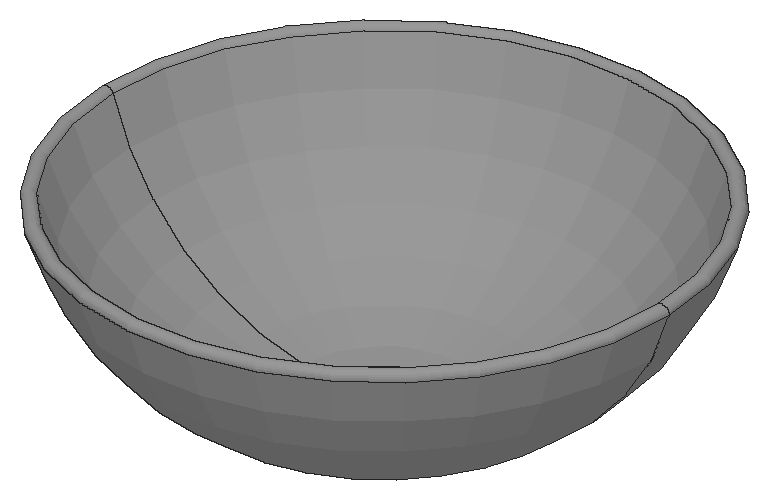
Revit family "V01023651_Lavamanos Terra", category Plumbing Fixtures, host Face, Revit 2020
Family settings
  Host = Face
  Round Connector Dimension = Use Diameter
  Part Type = Normal
  OmniClass Number = 23.31.13.11
  OmniClass Title = Single Sinks
  Cut with Voids When Loaded = No
  Shared = No
  Room Calculation Point = No
Parameters
  URL = "https://corona.co/productos/lavamanos/lavamanos-terra/p/V01023651"
  Referencia = "V01023651"  # constant formula
  Profundidad = 420 mm
  Pozo = "3 3/4¨ x 5 1/2¨ (39.6 cm x 14 cm)"  # constant formula
  Peso = "5.5 kg"  # constant formula
  Model = "Aria"  # constant formula
  Material 2 = Corona_Acero inoxidable
  Material = Corona_Vidrio templado terra
  Manufacturer = "Corona"  # constant formula
  Garantía = "5 años"  # constant formula
  Fecha de creación = "06/04/2021"  # constant formula
  Diámetro = 420 mm
  Description = "Adquiere este producto innovador, con diseño transparente para espacios minimalistas y material en vidrio templado."  # constant formula
  Default Elevation = 1219.2 mm
  Creado por = "BIMBAU"  # constant formula
  Color = "Transparente"  # constant formula
  Ancho = 420 mm
  Alto = 140 mm
Reference planes
  plane 1 "Center (Front/Back)": y = 0
  plane 2: z = 0
  plane 3 "Center (Left/Right)": x = 0
  plane 4: y = 210
  plane 5: y = -210
  plane 6: x = 210
  plane 7: x = -210
  plane 8: z = 140
Forms (mm)
  Extrusion 1, solid, not visible
    sketch origin (0, 0, 0) x (1, 0, 0) y (0, 1, 0)
      loop
        circle (0, 0) r 23.125
    from 0 to -0.822
  Extrusion 2, solid, material "Corona_Vidrio templado terra" <- "Material", detail levels coarse
    sketch origin (0, 0, 0) x (1, 0, 0) y (0, 1, 0)
      loop
        line (-210.188, 210) -> (-210.188, -210) -> (210.188, -210) -> (210.188, 210) -> (-210.188, 210)
    from 0 to 140
  Extrusion 3, solid, not visible
    sketch origin (0, 0, 0) x (1, 0, 0) y (0, 0, 1)
      loop
        circle (0, -274) r 25
    from -210 to -202.387
  Extrusion 4, solid, not visible
    sketch origin (0, 0, 0) x (1, 0, 0) y (0, 0, 1)
      loop
        circle (105, -219.891) r 15
      loop
        circle (-105, -219.891) r 15
    from -210 to -202.387
Dimensions and locks
  equal spacing: plane 5, plane 1 "Center (Front/Back)", plane 4
  "Profundidad": plane 5 to plane 4
  equal spacing: plane 7, plane 3 "Center (Left/Right)", plane 6
  "Ancho": plane 7 to plane 6
  "Alto": plane 8 to host face
  aligned and locked: plane 2 to host face
  aligned and locked: level to host face
Automatic sketch dimensions
  host sketch curve to host sketch curve = 1157.399 mm
  host sketch curve to host sketch curve = 1150.457 mm
  Extrusion 1 sketch curve to Extrusion 1 sketch curve = 0 mm  (x2)
  Extrusion 1 sketch curve to plane 3 "Center (Left/Right)" = 0 mm
  plane 1 "Center (Front/Back)" to Extrusion 1 sketch curve = 0 mm
  plane 1 "Center (Front/Back)" to Extrusion 1 sketch curve = 23.125 mm
  plane 5 to Extrusion 2 sketch curve = 0 mm
  Extrusion 2 sketch curve to plane 4 = 0 mm
  plane 7 to Extrusion 2 sketch curve = 0.188 mm
  plane 6 to Extrusion 2 sketch curve = 0.188 mm
  Extrusion 3 sketch curve to plane 3 "Center (Left/Right)" = 0 mm
  plane 3 "Center (Left/Right)" to Extrusion 4 sketch curve = 105 mm
  Extrusion 4 sketch curve to plane 3 "Center (Left/Right)" = 105 mm
  Extrusion 3 sketch curve to level = 274 mm
  Extrusion 4 sketch curve to level = 219.891 mm
  Extrusion 4 sketch curve to Extrusion 4 sketch curve = 0 mm
  radius of Extrusion 3 sketch curve = 25 mm
  radius of Extrusion 4 sketch curve = 15 mm  (x2)
Nested families
  nested 1: "Family1" at (0, 0, 0), type "Lavamanos Terra", detail levels medium+fine
  nested 2: "Family1" at (0, 0, 0), type "Lavamanos Terra"
  nested 3: "Frontal" at (0, 0, 0) x (1, 0, 0) z (0, -1, 0), type "Frontal"
  nested 4: "Lateral" at (0, 0, -0.822) x (0, 1, 0) z (1, 0, 0), type "Lateral"
  nested 5: "Planta" at (0, 0, 0), type "Planta"
Connectors
  piping at (0, 0, -0.822), diameter 50.8
    settings: on Extrusion 1, index 1, connector inside diameter 609.6 mm, connector length 0 mm, flow factor 0, pipe flow 0.0 L/s, pressure drop 0.0 Pa, fitting loss kfactor 0, connector angle 0.00°, fixture units 0, engagement length 0 mm, angle of deflection 0.00°, flow configuration 0, flow direction 2, fitting loss method 0, system type 16, joint type 0, gender type 0, connector reference index -1, connector utility 0, adjustable connector no, is connector primary yes, connector description ""
  piping at (-105, 210, -219.891), diameter 25.4
    settings: on Extrusion 4, index 2, connector inside diameter 609.6 mm, connector length 0 mm, flow factor 0, pipe flow 0.0 L/s, pressure drop 0.0 Pa, fitting loss kfactor 0, connector angle 0.00°, fixture units 0, engagement length 0 mm, angle of deflection 0.00°, flow configuration 0, flow direction 1, fitting loss method 0, system type 16, joint type 0, gender type 0, connector reference index -1, connector utility 0, adjustable connector no, is connector primary no, connector description ""
  piping at (105, 210, -219.891), diameter 25.4
    settings: on Extrusion 4, index 3, connector inside diameter 609.6 mm, connector length 0 mm, flow factor 0, pipe flow 0.0 L/s, pressure drop 0.0 Pa, fitting loss kfactor 0, connector angle 0.00°, fixture units 0, engagement length 0 mm, angle of deflection 0.00°, flow configuration 0, flow direction 1, fitting loss method 0, system type 16, joint type 0, gender type 0, connector reference index -1, connector utility 0, adjustable connector no, is connector primary no, connector description ""
  piping at (0, 210, -274), diameter 50.8
    settings: on Extrusion 3, index 4, connector inside diameter 609.6 mm, connector length 0 mm, flow factor 0, pipe flow 0.0 L/s, pressure drop 0.0 Pa, fitting loss kfactor 0, connector angle 0.00°, fixture units 0, engagement length 0 mm, angle of deflection 0.00°, flow configuration 0, flow direction 2, fitting loss method 0, system type 16, joint type 0, gender type 0, connector reference index -1, connector utility 0, adjustable connector no, is connector primary no, connector description ""
Definition of nested family "Family1"
  Parameters (values of type "Lavamanos Aria")
    Profundidad = 420 mm
    Material 2 = none
    Material = none
    Diámetro = 420 mm
    Default Elevation = 0 mm
    Ancho = 420 mm
    Alto = 140 mm
  Reference planes
    plane 1 "Center (Front/Back)": y = 0
    plane 2: z = 0
    plane 3 "Center (Left/Right)": x = 0
    plane 4: y = 210
    plane 5: y = -210
    plane 6: x = 210
    plane 7: x = -210
    plane 8: z = 140
    plane 9: z = 133.6
  Forms (mm)
    Sweep 1, solid, material <- "Material"
      path origin (0, 0, 0) x (1, 0, 0) y (0, 1, 0)
        loop
          circle (0, 0) r 210
      profile origin (0, 210, 0) x (0, -1, 0) y (0, 0, 1)
        loop
          arc (0, 140) -> (68.999, 38.945) -> (185, 0) r 192.232
          line (185, 0) -> (185, 10)
          arc (185, 10) -> (75.033, 46.919) -> (9.624, 142.717) r 182.232
          arc (9.624, 142.717) -> (3.453, 146.17) -> (0, 140) r 5
    Revolve 2, solid, material <- "Material 2"
      sketch origin (0, 0, 0) x (0, 1, 0) y (0, 0, 1)
        loop
          line (23.125, 0) -> (23.125, 11.699) -> (35, 11.699) -> (35, 12.594)
          arc (35, 12.594) -> (34.848, 13.07) -> (34.448, 13.371) r 0.824
          arc (34.448, 13.371) -> (17.471, 17.747) -> (0, 19.219) r 104.383
          line (0, 19.219) -> (0, 0) -> (23.125, 0)
        axis (0, 19.219) -> (0, 0)
      angle from 0 to 360
  Dimensions and locks
    equal spacing: plane 5, plane 1 "Center (Front/Back)", plane 4
    plane 4 to plane 5 = 420 mm
    equal spacing: plane 7, plane 3 "Center (Left/Right)", plane 6
    plane 7 to plane 6 = 420 mm
    "Alto": plane 8 to level
    aligned and locked: level to plane 2
  Automatic sketch dimensions
    plane 1 "Center (Front/Back)" to Sweep 1 sketch curve = 0 mm
    Sweep 1 sketch curve to plane 3 "Center (Left/Right)" = 0 mm
    Sweep 1 sketch curve to Sweep 1 sketch curve = 0 mm  (x2)
    Sweep 1 sketch curve to profile plane = 0 mm  (x2)
    Sweep 1 sketch curve to level = 0 mm
    Sweep 1 sketch curve to profile plane = 4.812 mm
    Sweep 1 sketch curve to Sweep 1 sketch curve = 175.376 mm
    level to Sweep 1 sketch curve = 141.359 mm
    Revolve 2 sketch curve to plane 1 "Center (Front/Back)" = 0 mm  (x2)
    Revolve 2 sketch curve to level = 0 mm
    Revolve 2 sketch curve to plane 1 "Center (Front/Back)" = 23.125 mm
    Revolve 2 sketch curve to Revolve 2 sketch curve = 11.051 mm
    Revolve 2 sketch curve to Revolve 2 sketch curve = 0.824 mm
    Revolve 2 sketch curve to level = 85.164 mm
    level to Revolve 2 sketch curve = 11.699 mm
    Revolve 2 sketch curve to Revolve 2 sketch curve = 0.895 mm
    level to Revolve 2 sketch curve = 19.219 mm
    Revolve 2 sketch curve to Revolve 2 sketch curve = 435.828 mm
    plane 8 to Revolve 2 sketch curve = 2601.474 mm
    radius of Sweep 1 sketch curve = 210 mm
Definition of nested family "Frontal"
  Reference planes
    plane 1 "Center (Front/Back)": y = 0
    plane 2: z = 0
    plane 3 "Center (Left/Right)": x = 0
    plane 4: y = 140
    plane 5: x = 210
    plane 6: x = -210
  Lines and regions (mm)
    Filled region 1, type "Concrete", in view "Ref. Level"
      outline origin (0, 0, 0) x (1, 0, 0) y (0, 1, 0)
        loop
          arc (-210, 140) -> (0, 0) -> (210, 140) r 227.5
          line (210, 140) -> (-210, 140)
Definition of nested family "Lateral"
  Reference planes
    plane 1 "Center (Front/Back)": y = 0
    plane 2: z = 0
    plane 3 "Center (Left/Right)": x = 0
    plane 4: y = 140
    plane 5: x = 210
    plane 6: x = -210
  Lines and regions (mm)
    Filled region 1, type "Concrete", in view "Ref. Level"
      outline origin (0, 0, 0) x (1, 0, 0) y (0, 1, 0)
        loop
          arc (-210, 140) -> (0, 0) -> (210, 140) r 227.5
          line (210, 140) -> (-210, 140)
Definition of nested family "Planta"
  Reference planes
    plane 1 "Center (Front/Back)": y = 0
    plane 2: z = 0
    plane 3 "Center (Left/Right)": x = 0
    plane 4: y = 210
    plane 5: y = -210
    plane 6: x = 210
    plane 7: x = -210
  Lines and regions (mm)
    Filled region 1, type "Concrete", in view "Ref. Level"
      outline origin (0, 0, 0) x (1, 0, 0) y (0, 1, 0)
        loop
          circle (0, 0) r 210
    detail lines, in view "Ref. Level"
      curve 1: circle (0, 0, 0) r 25 normal (0, 0, 1)
      curve 2: circle (0, 0, 0) r 30 normal (0, 0, 1)
      curve 3: circle (0, 0, 0) r 198 normal (0, 0, 1)
